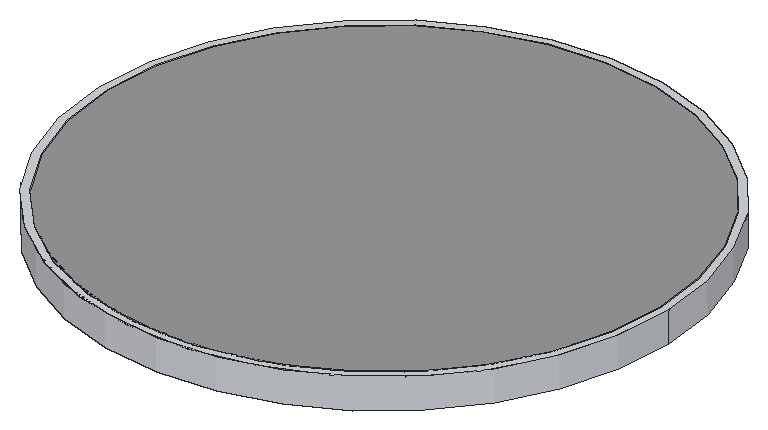
Revit family "2071283", category Lighting Fixtures, host Face, Revit 2018
Family settings
  Host = Face
  Round Connector Dimension = Use Diameter
  Part Type = Junction Box
  OmniClass Number = 23.80.70.00
  OmniClass Title = Lighting
  Cut with Voids When Loaded = No
  Light Source = Yes
  Shared = No
  Room Calculation Point = No
Parameters (values of type "2071283 COLOSSAL 1200 830 OP DIR WHT SSA02")
  iner diameter = 1168 mm
  Weight = "n/a"
  Wattage Comments = ""
  Wattage = 30 W
  WarrantyStartDate [instance] = "n/a"
  WarrantyGuarantorParts = "n/a"
  WarrantyDurationUnit = "n/a"
  WarrantyDurationParts = ""
  WarrantyDescription = "http://www.sylvania-lighting.com"
  built-in parameter 1150110 = 1 (stored number, unit not read)
  Voltage = 230 V
  URL = "0.95"
  TypeName = "COLOSSAL 1200mm 830 OPAL DIR WHITE SSA02"
  Type Image = <None>
  Type Comments = "n/a"
  built-in parameter 1114217 = 1 (stored number, unit not read)
  Tilt Angle = -90.00°
  built-in parameter 1150109 = 1 (stored number, unit not read)
  built-in parameter 1150134 = (empty or 0)
  built-in parameter 1150113 = 1 (stored number, unit not read)
  SerialNumber [instance] = "n/a"
  Photometric Web File = "2071283.ies"
  Material_3_SYL = LED-Sylvania
  PowerFactor = 0
  PowerConsumption = "Lighting"
  NominalLength = 1168 mm
  NominalHeight = 93 mm
  NominalDepth = 1168 mm
  Name = "COLOSSAL 1200mm 830 OPAL DIR WHITE SSA02"
  ModelReference = Name  # "COLOSSAL 1200mm 830 OPAL DIR WHITE SSA02"
  ModelNumber = "2071283"
  Model = Name  # "COLOSSAL 1200mm 830 OPAL DIR WHITE SSA02"
  Material = "Feilo Sylvania"
  ManufacturerName = "137 lm/W"
  Manufacturer = ""
  LuminousEfficacy = ""
  built-in parameter 1150105 = 270.44 (stored number, unit not read)
  Lumens = 3398.4 lm
  LuminaireType = "0"
  built-in parameter 1150115 = 1 (stored number, unit not read)
  LightOutputRatio = "LED"
  built-in parameter 1150137 = (empty or 0)
  built-in parameter 1150139 = (empty or 0)
  LampsType = Lamp  # "n/a"
  LampNominalLuminous = "3000 K"
  LampMacAdamStep = "80"
  LampColourTemperature = "LED"
  LampColourRenderingIndex = "16500"
  built-in parameter 1150112 = 1 (stored number, unit not read)
  built-in parameter 1150114 = 1 (stored number, unit not read)
  Lamp = "n/a"
  Keynote = "n/a"
  InstallationDate [instance] = "n/a"
  InputVoltage = "0"
  InputNominalFrequency = "3000"
  built-in parameter 1150132 = (empty or 0)
  built-in parameter 1150102 = (empty or 0)
  built-in parameter 1150107 = 3000 (stored number, unit not read)
  built-in parameter 1150138 = (empty or 0)
  IngressProtection = "IfcLightFixtureType"
  ImpactProtectionIndex = "IfcLightFixtureType"
  built-in parameter 1150106 = 2.7044 (stored number, unit not read)
  IfcExportType = "IfcLightFixtureType"
  IfcExportAs = "Class I"
  Emit from Circle Diameter = 385 mm
  Emit Shape Visible in Rendering = no
  ElectricShockClassification = "137"
  built-in parameter 1150104 = 10.524 (stored number, unit not read)
  DocumentationLiterature = "http://www.sylvania-lighting.com/product/en-int/products/2071283"
  DimmingControlOptions = "n/a"
  Material_2_SYL = Polycarbonate_Sylvania_White
  Dimming Lamp Color Temperature Shift = <None>
  Description = "1200mm diameter circular architectural luminaire, can be surface mounted or suspended. Powder coated aluminium housing (RAL9016) with polycarbonate opal diffuser. Direct light distribution, 20975lm luminuous flux, 153.6W system power, 137lm/W luminiaire efficacy. Sylsmart Connected enabled. Colour rendering index Ra >80, 3000K Warm White LED, chromaticity tolerance of 3-step MacAdam ellipse. IP40/IP20, IK03. 450mA drive current. Electrical protection Class1, 220-240V. Reported lifetime 66k hours L90B10."
  Default Elevation = 1219.2 mm
  CreatedOn = "23/03/2022"
  CreatedBy = "@sylvania-lighting.com"
  Cost = 0
  Color Filter = 16777215
  built-in parameter 1114216 [instance] = (empty or 0)
  ClassificationValue = "EF_70_80"
  ClassificationName = "Uniclass2015"
  Material_1_SYL = Polycarbonate_Sylvania_Opal
  BarCode [instance] = "n/a"
  built-in parameter 1114218 = 1 (stored number, unit not read)
  built-in parameter 1150133 = 10 (stored number, unit not read)
  AssetType = "Fixed"
  AssetIdentifier [instance] = "n/a"
  Assembly Code = "D5020200"
  Apparent Load = 153.6 VA
  Material_4_SYL = none
Reference planes
  plane 1 "Center (Front/Back)": y = 0
  plane 2: z = 0
  plane 3 "Center (Left/Right)": x = 0
  plane 4: z = 1.161
  plane 5: z = 16.161
  plane 6: y = 584
  plane 7: y = -584
  plane 8: x = 85
  plane 9: x = -85
  plane 10: through (0, 0, 1219.2) normal (0.5, 0.866, 0)
  plane 11: through (42.5, 73.612, 1219.2) normal (0.5, 0.866, 0)
  plane 12: through (-42.5, -73.612, 1219.2) normal (0.5, 0.866, 0)
  plane 13: through (0, 0, 1219.2) normal (0.5, -0.866, 0)
  plane 14: through (-42.5, 73.612, 1219.2) normal (0.5, -0.866, 0)
  plane 15: through (42.5, -73.612, 1219.2) normal (0.5, -0.866, 0)
  plane 16: z = 93
  plane 17: y = 584
  plane 18: y = -584
  plane 19: y = -429
  plane 20: x = -584
  plane 21: x = 584
Forms (mm)
  Extrusion 1, solid, detail levels medium+fine
    sketch origin (0, 0, 0) x (0.866025, -0.5, 0) y (0.5, 0.866025, 0)
      loop
        circle (-50, 86.603) r 22
    from 0 to 2
  Extrusion 2, solid, detail levels medium+fine
    sketch origin (0, 0, 0) x (0.866025, -0.5, 0) y (0.5, 0.866025, 0)
      loop
        circle (100, 0) r 22
      loop
        circle (-50, -86.603) r 22
    from 0 to 2
  Extrusion 3, solid, detail levels medium+fine
    sketch origin (0, 0, 0) x (1, 0, 0) y (0, 1, 0)
      loop
        circle (0, 0) r 584
    from 30 to 93
  Extrusion 4, void
    sketch origin (0, 0, 0) x (1, 0, 0) y (0, 1, 0)
      loop
        circle (0, 0) r 568
    from 96.588 to 37.292
  Extrusion 5, solid, material "Glass, White, High Luminance", detail levels fine
    sketch origin (0, 0, 0) x (1, 0, 0) y (0, 1, 0)
      loop
        circle (0, 0) r 568
    from 88.022 to 93
  Extrusion 6, solid, detail levels coarse
    sketch origin (0, 0, 0) x (1, 0, 0) y (0, 1, 0)
      loop
        line (-584, 584) -> (-584, -584) -> (584, -584) -> (584, 584) -> (-584, 584)
    from 0 to 93
  Blend 7, solid, detail levels medium+fine
    base sketch origin (-10.814, 11.299, 29.922) x (1, 0, 0) y (0, 1, 0)
      loop
        line (-402.654, -330.622) -> (397.346, -330.622) -> (482.346, -183.398) -> (82.346, 509.423) -> (-87.654, 509.423) -> (-487.654, -183.398) -> (-402.654, -330.622)
    top sketch origin (-10.814, 11.299, 29.922) x (1, 0, 0) y (0, 1, 0)
      loop
        line (-363.391, -306.496) -> (364.632, -306.496) -> (449.632, -159.272) -> (87.132, 468.597) -> (-82.868, 468.597) -> (-445.368, -159.272) -> (-363.391, -306.496)
    from 0 to -30
Cuts and joins
  Extrusion 4 cuts Extrusion 1
  Extrusion 4 cuts Extrusion 2
  Extrusion 4 cuts Extrusion 3
Lines and regions (mm)
  model lines, detail levels medium+fine
    curve 1: circle (0, 0, 0) r 155 normal (0, 0, 1)
  reference lines
    curve 2: circle (0, 0, 0) r 489 normal (0, 0, 1)
    curve 3: circle (0, 0, 0) r 521 normal (0, 0, 1)
    curve 4: line (0, 0, 0) -> (606.218, -350, 0)
    curve 5: line (0, 0, 0) -> (0, 825, 0)
    curve 6: line (0, 0, 0) -> (-623.538, -360, 0)
    curve 7: line (639.013, -270.785, 0) -> (85, 49.075, 0)
    curve 8: line (563.718, -423.612, 0) -> (0, -98.15, 0)
    curve 9: line (85, 49.075, 0) -> (85, 825, 0)
    curve 10: line (-85, 49.075, 0) -> (-85, 825, 0)
    curve 11: line (-85, 49.075, 0) -> (-666.038, -286.388, 0)
    curve 12: line (-581.038, -433.612, 0) -> (0, -98.15, 0)
Dimensions and locks
  plane 4 to level = 1.161 mm
  locked: plane 5 to plane 4 at 15
  "NominalDepth": plane 6 to plane 7
  plane 6 to plane 1 "Center (Front/Back)" to plane 7 = 584 mm, 584 mm
  "NominalHeight": level to plane 16
  equal spacing: plane 17, plane 1 "Center (Front/Back)", plane 18
  "NominalLength": plane 20 to plane 21
  equal spacing: plane 20, plane 3 "Center (Left/Right)", plane 21
  aligned and locked: plane 2 to host face
  aligned and locked: level to host face
  aligned and locked: plane 6 to Extrusion 6
Automatic sketch dimensions
  host sketch curve to host sketch curve = 2438.4 mm  (x2)
  Extrusion 1 sketch curve to plane 3 "Center (Left/Right)" = 0 mm
  Extrusion 1 sketch curve to plane 1 "Center (Front/Back)" = 100 mm
  plane 1 "Center (Front/Back)" to Extrusion 2 sketch curve = 50 mm
  Extrusion 2 sketch curve to plane 3 "Center (Left/Right)" = 86.603 mm
  Extrusion 2 sketch curve to Extrusion 2 sketch curve = 150 mm
  Extrusion 2 sketch curve to Extrusion 2 sketch curve = 86.603 mm
  plane 1 "Center (Front/Back)" to curve 1 = 0 mm
  curve 1 to plane 3 "Center (Left/Right)" = 0 mm
  plane 1 "Center (Front/Back)" to Extrusion 3 sketch curve = 0 mm
  Extrusion 3 sketch curve to plane 3 "Center (Left/Right)" = 0 mm
  plane 1 "Center (Front/Back)" to Extrusion 4 sketch curve = 0 mm
  Extrusion 4 sketch curve to plane 3 "Center (Left/Right)" = 0 mm
  plane 1 "Center (Front/Back)" to Extrusion 5 sketch curve = 0 mm
  Extrusion 5 sketch curve to plane 3 "Center (Left/Right)" = 0 mm
  curve 2 to curve 3 = 0 mm  (x2)
  curve 11 to plane 14 = 0 mm
  curve 6 to plane 13 = 0 mm
  curve 12 to plane 15 = 0 mm
  curve 10 to plane 9 = 0 mm
  curve 12 to plane 3 "Center (Left/Right)" = 0 mm
  plane 1 "Center (Front/Back)" to curve 3 = 0 mm
  curve 3 to plane 3 "Center (Left/Right)" = 0 mm
  curve 7 to plane 8 = 0 mm
  curve 11 to plane 10 = 0 mm
  curve 12 to plane 19 = 4.612 mm
  plane 19 to curve 6 = 69 mm
  plane 19 to curve 11 = 142.612 mm
  plane 19 to curve 8 = 5.388 mm
  plane 19 to curve 4 = 79 mm
  plane 19 to curve 7 = 158.215 mm
  plane 6 to curve 5 = 241 mm
  curve 10 to curve 5 = 0 mm
  curve 5 to curve 9 = 0 mm
  plane 1 "Center (Front/Back)" to curve 6 = 0 mm
  curve 6 to plane 3 "Center (Left/Right)" = 0 mm
  Extrusion 6 sketch curve to plane 7 = 0 mm
  Extrusion 6 sketch curve to plane 6 = 0 mm
  Blend 7 sketch curve to plane 6 = 756.098 mm  (x2)
  Blend 7 sketch curve to Blend 7 sketch curve = 85 mm
  plane 3 "Center (Left/Right)" to Blend 7 sketch curve = 386.532 mm
  plane 8 to Blend 7 sketch curve = 386.532 mm
  Blend 7 sketch curve to plane 6 = 63.278 mm
  Blend 7 sketch curve to plane 6 = 731.972 mm  (x2)
  Blend 7 sketch curve to Blend 7 sketch curve = 81.977 mm
  plane 3 "Center (Left/Right)" to Blend 7 sketch curve = 353.818 mm
  plane 8 to Blend 7 sketch curve = 353.818 mm
  Blend 7 sketch curve to plane 6 = 104.104 mm
  plane 12 to curve 8 = 0 mm
  plane 19 to Blend 7 sketch curve = 109.677 mm
  plane 19 to Blend 7 sketch curve = 133.803 mm
  plane 8 to Extrusion 6 sketch curve = 499 mm
  Extrusion 6 sketch curve to plane 9 = 499 mm
  Blend 7 sketch curve to plane 8 = 13.468 mm
  Blend 7 sketch curve to plane 9 = 13.468 mm
  Blend 7 sketch curve to plane 9 = 328.468 mm
  Blend 7 sketch curve to plane 8 = 8.682 mm
  Blend 7 sketch curve to plane 9 = 8.682 mm
  Blend 7 sketch curve to plane 9 = 289.205 mm
  plane 10 to curve 4 = 0 mm
  plane 11 to curve 7 = 0 mm
  curve 12 to plane 12 = 0 mm
  curve 9 to plane 11 = 0 mm
  radius of Extrusion 1 sketch curve = 22 mm
  radius of Extrusion 2 sketch curve = 22 mm  (x2)
  radius of curve 1 = 155 mm
  radius of Extrusion 3 sketch curve = 584 mm
  radius of Extrusion 4 sketch curve = 568 mm
  radius of Extrusion 5 sketch curve = 568 mm
  radius of curve 2 = 489 mm
  radius of curve 3 = 521 mm
Connectors
  electrical at (0, 0, 30)
    settings: on cut or joined group of Extrusion 3, Extrusion 4, index 1, voltage 0 V, apparent load 0 VA, apparent load phase1 0 VA, apparent load phase2 0 VA, apparent load phase3 0 VA, power factor 1, load classification "Other", number of poles 1, system type 31, power factor state 1, is connector primary yes, connector utility no, sub classification motor no, connector description ""
